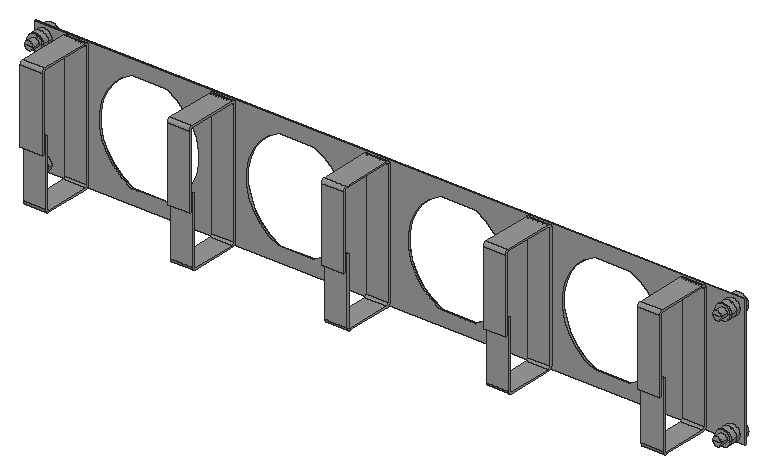
Revit family "ITK Кабельный органайзер 19 5 колец", category Обобщенные модели, Revit 2016
Family settings
  Тип детали = Нормальный
  Может служить основой для арматурных стержней = Нет
  Размер круглого соединителя = Использовать диаметр
  На основе рабочей плоскости = Нет
  Всегда вертикально = Да
  При загрузке вырезать с полостями = Нет
  Общий = Нет
  Точка расчета площади = Нет
Parameters
  Ширина = 483 mm
  Совместимость = "Серия Linea S, N, W,F,O"
  Высота = 89 mm
  Описание = "19-дюймовые кабельные организаторы ITK предназначены для горизонтальной организации кабеля и кабельных пучков в шкафах и стойках для укладки кабелей в пространствах между коммутационными панелями и установленным активным оборудованием, обеспечивают их поддержку в пределах монтажной высоты шкафа, гарантируют необходимый радиус изгиба коммутационных шнуров и кабеля при подведении их к оборудованию, позволяют избежать перекручивания и спутывания кабелей. При использовании кабельных организаторов существенно снижается вероятность появления сильных перегибов и изломов кабелей, повышается скорость и эффективность работы IT-специалистов и администраторов при обслуживании шкафов и стоек.\r\n\r\nКабельные органайзеры устанавливаются на 19-дюймовые монтажные профили, занимая при этом один или два юнита полезной высоты. Монтаж осуществляется с помощью крепежа винт-шайба-гайка.\r\n\r\nГоризонтальные кабельные организаторы представлены двумя основными видами: открытый органайзер с кольцами или закрытого типа с крышкой. Высота органайзеров: 1U или 2U. Материал: листовая сталь. В комплект поставки входит органайзер и комплект крепежа.\r\nСовместимы со всеми 19-дюймовыми шкафами и стойками ITK.\r\nОбладают современным привлекательным дизайном и продуманной конструкцией.\r\nУдобны в монтаже и эксплуатации.\r\nСоответствие международным стандартам ISO9001, IEC 297, ISO/IEC 11801. \r\nСертифицированы по ГОСТ Р.\r\nВсе аксессуары идут с крепежом.\r\nВозможно исполнение в двух цветах: серый (RAL7035) и черный (RAL9005).\r\nВсегда в наличии на складе.\r\nГарантия на все аксессуары до 2-х лет."  # constant formula
  Материал = Окраска - RAL 7035
  Type Comments = ""
  Изготовитель = "ITK"  # constant formula
  Глубина = 12 mm
  URL = "http://www.itk-group.ru/produktsiya/catalog/?page=section&id=564&pagen=1&pagec=100"
  ADSK_Примечание = ""
  ADSK_Позиция [instance] = ""
  ADSK_Наименование краткое = "CO35-2M5RM"
  ADSK_Наименование = "ITK Кабельный органайзер 19\" 2U, 5 колец, серый"
  ADSK_Масса = 0
  ADSK_Марка = "CO35-2M5RM"
  ADSK_Код изделия = ""
  ADSK_Завод-изготовитель = "IEK"
  ADSK_Единица измерения = "шт"
  ADSK_Группирование = "I. ЩИТЫ И ПУЛЬТЫ"
Reference planes
  plane 1 "По центру (Вперед/Назад)": y = 0
  plane 2: z = 0
  plane 3 "По центру (Влево/Вправо)": x = 0
  plane 4: x = -241.5
  plane 5: x = 241.5
  plane 6: y = -1
  plane 7: x = -223.188
  plane 8: x = 222.388
  plane 9: z = 89
  plane 10: y = 11
  plane 11: x = -173
  plane 12: x = -98
  plane 13: x = -83
  plane 14: x = -8
  plane 15: x = 7
  plane 16: x = 173
  plane 17: x = 98
  plane 18: x = 83
  plane 19: z = 5.937
  plane 20: z = 82.75
  plane 21: z = 44.5
  plane 22: z = 47.266
  plane 23: z = 36.859
Forms (mm)
  Extrusion 1, solid, material "Окраска - RAL 7035" <- "Материал", detail levels fine
    sketch origin (0, 0, 0) x (1, 0, 0) y (0, 1, 0)
      loop
        line (-241.5, 0) -> (-241.5, -1) -> (241.5, -1) -> (241.5, 0) -> (-241.5, 0)
    from 0 to 89
  Extrusion 2, void
    sketch origin (-2000, -1, 1200) x (-1, 0, 0) y (0, 0, -1)
      loop
        circle (-1765.975, 1117.25) r 2.967
      loop
        circle (-1765.975, 1194.062) r 2.967
      loop
        circle (-2234.025, 1117.25) r 2.967
      loop
        circle (-2234.025, 1194.062) r 2.967
    from -1 to 0
  Revolve 3, solid, material "Окраска - RAL 7035" <- "Материал", detail levels fine
    sketch origin (0, 29.553, 5.938) x (0, 1, 0) y (-1, 0, 0)
      loop
        line (-44.803, 236.911) -> (-44.803, 234.025) -> (-26.053, 234.025) -> (-26.053, 240.161) -> (-29.553, 240.161) -> (-29.553, 236.911) -> (-32.003, 236.911) -> (-32.003, 239.143)
        arc (-32.003, 239.143) -> (-33.603, 239.05) -> (-35.203, 239.122) r 15.465
        line (-35.203, 239.122) -> (-39.203, 239.122)
        arc (-39.203, 239.122) -> (-39.704, 239.122) -> (-40.203, 239.083) r 6.422
        line (-40.203, 239.083) -> (-40.203, 236.911) -> (-44.803, 236.911)
      axis (-26.053, 234.025) -> (-44.803, 234.025)
    angle from 0 to 360
  Revolve 4, solid, material "Окраска - RAL 7035" <- "Материал", detail levels fine
    sketch origin (0, 30.928, 82.75) x (0, 1, 0) y (-1, 0, 0)
      loop
        line (-46.178, 236.911) -> (-46.178, 234.025) -> (-27.428, 234.025) -> (-27.428, 240.161) -> (-30.928, 240.161) -> (-30.928, 236.911) -> (-33.378, 236.911) -> (-33.378, 239.143)
        arc (-33.378, 239.143) -> (-34.978, 239.05) -> (-36.578, 239.122) r 15.465
        line (-36.578, 239.122) -> (-40.578, 239.122)
        arc (-40.578, 239.122) -> (-41.079, 239.122) -> (-41.578, 239.083) r 6.422
        line (-41.578, 239.083) -> (-41.578, 236.911) -> (-46.178, 236.911)
      axis (-27.428, 234.025) -> (-46.178, 234.025)
    angle from 0 to 360
  Revolve 5, solid, material "Окраска - RAL 7035" <- "Материал", detail levels fine
    sketch origin (467.046, 30.928, 82.75) x (0, 1, 0) y (-1, 0, 0)
      loop
        line (-46.178, 235.911) -> (-46.178, 233.025) -> (-27.428, 233.025) -> (-27.428, 239.161) -> (-30.928, 239.161) -> (-30.928, 235.911) -> (-33.378, 235.911) -> (-33.378, 238.143)
        arc (-33.378, 238.143) -> (-34.978, 238.05) -> (-36.578, 238.122) r 15.465
        line (-36.578, 238.122) -> (-40.578, 238.122)
        arc (-40.578, 238.122) -> (-41.079, 238.122) -> (-41.578, 238.083) r 6.422
        line (-41.578, 238.083) -> (-41.578, 235.911) -> (-46.178, 235.911)
      axis (-27.428, 233.025) -> (-46.178, 233.025)
    angle from 0 to 360
  Revolve 6, solid, material "Окраска - RAL 7035" <- "Материал", detail levels fine
    sketch origin (0, 30.928, 5.938) x (0, 1, 0) y (-1, 0, 0)
      loop
        line (-46.178, -231.135) -> (-46.178, -234.021) -> (-27.428, -234.021) -> (-27.428, -227.885) -> (-30.928, -227.885) -> (-30.928, -231.135) -> (-33.378, -231.135) -> (-33.378, -228.903)
        arc (-33.378, -228.903) -> (-34.978, -228.997) -> (-36.578, -228.924) r 15.465
        line (-36.578, -228.924) -> (-40.578, -228.924)
        arc (-40.578, -228.924) -> (-41.079, -228.924) -> (-41.578, -228.963) r 6.422
        line (-41.578, -228.963) -> (-41.578, -231.135) -> (-46.178, -231.135)
      axis (-27.428, -234.021) -> (-46.178, -234.021)
    angle from 0 to 360
  Sweep 7, solid, material "Окраска - RAL 7035" <- "Материал", detail levels fine
    path origin (-12.924, 0, 0) x (1, 0, 0) y (0, 1, 0)
      loop
        line (-207.278, -16) -> (-192.269, -16)
    profile origin (-212.698, -16, 0) x (0, 1, 0) y (0, 0, 1)
      loop
        line (13.966, 86.573) -> (13.966, 2.427)
        arc (13.966, 2.427) -> (13.548, 1.418) -> (12.539, 1) r 1.427
        line (12.539, 1) -> (-18.621, 1)
        arc (-18.621, 1) -> (-19.63, 1.418) -> (-20.048, 2.427) r 1.427
        line (-20.048, 2.427) -> (-20.048, 47.266) -> (-21.048, 47.266) -> (-21.048, 2.427)
        arc (-21.048, 2.427) -> (-20.337, 0.711) -> (-18.621, 0) r 2.427
        line (-18.621, 0) -> (12.573, 0)
        arc (12.573, 0) -> (14.289, 0.711) -> (15, 2.427) r 2.427
        line (15, 2.427) -> (15, 86.573)
        arc (15, 86.573) -> (14.289, 88.289) -> (12.573, 89) r 2.427
        line (12.573, 89) -> (-21.624, 89)
        arc (-21.624, 89) -> (-23.321, 88.297) -> (-24.024, 86.6) r 2.4
        line (-24.024, 86.6) -> (-24.024, 36.859) -> (-23.024, 36.859) -> (-23.024, 86.6)
        arc (-23.024, 86.6) -> (-22.614, 87.59) -> (-21.624, 88) r 1.4
        line (-21.624, 88) -> (12.539, 88)
        arc (12.539, 88) -> (13.548, 87.582) -> (13.966, 86.573) r 1.427
  Extrusion 8, void
    sketch origin (-2007.192, -1, 1208.071) x (1, 0, 0) y (0, 0, -1)
      loop
        line (1855.563, 1198.071) -> (1831.505, 1198.071)
        arc (1831.505, 1198.071) -> (1809.624, 1163.571) -> (1831.505, 1129.071) r 38.139
        line (1831.505, 1129.071) -> (1855.563, 1129.071)
        arc (1855.563, 1129.071) -> (1877.444, 1163.571) -> (1855.563, 1198.071) r 38.139
      loop
        line (1955.563, 1198.071) -> (1931.505, 1198.071)
        arc (1931.505, 1198.071) -> (1909.624, 1163.571) -> (1931.505, 1129.071) r 38.139
        line (1931.505, 1129.071) -> (1955.563, 1129.071)
        arc (1955.563, 1129.071) -> (1977.444, 1163.571) -> (1955.563, 1198.071) r 38.139
      loop
        line (2065.563, 1198.071) -> (2041.505, 1198.071)
        arc (2041.505, 1198.071) -> (2019.624, 1163.571) -> (2041.505, 1129.071) r 38.139
        line (2041.505, 1129.071) -> (2065.563, 1129.071)
        arc (2065.563, 1129.071) -> (2087.444, 1163.571) -> (2065.563, 1198.071) r 38.139
      loop
        line (2170.563, 1198.071) -> (2146.505, 1198.071)
        arc (2146.505, 1198.071) -> (2124.624, 1163.571) -> (2146.505, 1129.071) r 38.139
        line (2146.505, 1129.071) -> (2170.563, 1129.071)
        arc (2170.563, 1129.071) -> (2192.444, 1163.571) -> (2170.563, 1198.071) r 38.139
    from 0 to 1
  Sweep 9, solid, material "Окраска - RAL 7035" <- "Материал", detail levels fine
    path origin (192.076, 0, 0) x (1, 0, 0) y (0, 1, 0)
      loop
        line (-207.278, -16) -> (-192.269, -16)
    profile origin (-7.698, -16, 0) x (0, 1, 0) y (0, 0, 1)
      loop
        line (13.966, 86.673) -> (13.966, 2.427)
        arc (13.966, 2.427) -> (13.548, 1.418) -> (12.539, 1) r 1.427
        line (12.539, 1) -> (-18.621, 1)
        arc (-18.621, 1) -> (-19.63, 1.418) -> (-20.048, 2.427) r 1.427
        line (-20.048, 2.427) -> (-20.048, 47.316) -> (-21.048, 47.316) -> (-21.048, 2.427)
        arc (-21.048, 2.427) -> (-20.337, 0.711) -> (-18.621, 0) r 2.427
        line (-18.621, 0) -> (12.573, 0)
        arc (12.573, 0) -> (14.289, 0.711) -> (15, 2.427) r 2.427
        line (15, 2.427) -> (15, 86.573)
        arc (15, 86.573) -> (14.289, 88.289) -> (12.573, 89) r 2.427
        line (12.573, 89) -> (-21.624, 89)
        arc (-21.624, 89) -> (-23.321, 88.297) -> (-24.024, 86.6) r 2.4
        line (-24.024, 86.6) -> (-24.024, 36.859) -> (-23.024, 36.859) -> (-23.024, 86.7)
        arc (-23.024, 86.7) -> (-22.614, 87.69) -> (-21.624, 88.1) r 1.4
        line (-21.624, 88.1) -> (12.539, 88.1)
        arc (12.539, 88.1) -> (13.548, 87.682) -> (13.966, 86.673) r 1.427
  Sweep 10, solid, material "Окраска - RAL 7035" <- "Материал", detail levels fine
    path origin (302.076, 0, 0) x (1, 0, 0) y (0, 1, 0)
      loop
        line (-207.278, -16) -> (-192.269, -16)
    profile origin (102.302, -16, 0) x (0, 1, 0) y (0, 0, 1)
      loop
        line (13.966, 86.673) -> (13.966, 2.427)
        arc (13.966, 2.427) -> (13.548, 1.418) -> (12.539, 1) r 1.427
        line (12.539, 1) -> (-18.621, 1)
        arc (-18.621, 1) -> (-19.63, 1.418) -> (-20.048, 2.427) r 1.427
        line (-20.048, 2.427) -> (-20.048, 47.266) -> (-21.048, 47.266) -> (-21.048, 2.427)
        arc (-21.048, 2.427) -> (-20.337, 0.711) -> (-18.621, 0) r 2.427
        line (-18.621, 0) -> (12.573, 0)
        arc (12.573, 0) -> (14.289, 0.711) -> (15, 2.427) r 2.427
        line (15, 2.427) -> (15, 86.573)
        arc (15, 86.573) -> (14.289, 88.289) -> (12.573, 89) r 2.427
        line (12.573, 89) -> (-21.624, 89)
        arc (-21.624, 89) -> (-23.321, 88.297) -> (-24.024, 86.6) r 2.4
        line (-24.024, 86.6) -> (-24.024, 36.859) -> (-23.024, 36.859) -> (-23.024, 86.7)
        arc (-23.024, 86.7) -> (-22.614, 87.69) -> (-21.624, 88.1) r 1.4
        line (-21.624, 88.1) -> (12.539, 88.1)
        arc (12.539, 88.1) -> (13.548, 87.682) -> (13.966, 86.673) r 1.427
  Sweep 11, solid, material "Окраска - RAL 7035" <- "Материал", detail levels fine
    path origin (407.076, 0, 0) x (1, 0, 0) y (0, 1, 0)
      loop
        line (-207.278, -16) -> (-192.269, -16)
    profile origin (207.302, -16, 0) x (0, 1, 0) y (0, 0, 1)
      loop
        line (13.966, 86.673) -> (13.966, 2.427)
        arc (13.966, 2.427) -> (13.548, 1.418) -> (12.539, 1) r 1.427
        line (12.539, 1) -> (-18.621, 1)
        arc (-18.621, 1) -> (-19.63, 1.418) -> (-20.048, 2.427) r 1.427
        line (-20.048, 2.427) -> (-20.048, 47.266) -> (-21.048, 47.266) -> (-21.048, 2.427)
        arc (-21.048, 2.427) -> (-20.337, 0.711) -> (-18.621, 0) r 2.427
        line (-18.621, 0) -> (12.573, 0)
        arc (12.573, 0) -> (14.289, 0.711) -> (15, 2.427) r 2.427
        line (15, 2.427) -> (15, 86.573)
        arc (15, 86.573) -> (14.289, 88.289) -> (12.573, 89) r 2.427
        line (12.573, 89) -> (-21.624, 89)
        arc (-21.624, 89) -> (-23.321, 88.297) -> (-24.024, 86.6) r 2.4
        line (-24.024, 86.6) -> (-24.024, 36.859) -> (-23.024, 36.859) -> (-23.024, 86.7)
        arc (-23.024, 86.7) -> (-22.614, 87.69) -> (-21.624, 88.1) r 1.4
        line (-21.624, 88.1) -> (12.539, 88.1)
        arc (12.539, 88.1) -> (13.548, 87.682) -> (13.966, 86.673) r 1.427
  Sweep 12, solid, material "Окраска - RAL 7035" <- "Материал", detail levels fine
    path origin (87.076, 0, 0) x (1, 0, 0) y (0, 1, 0)
      loop
        line (-207.278, -16) -> (-192.269, -16)
    profile origin (-112.698, -16, 0) x (0, 1, 0) y (0, 0, 1)
      loop
        line (13.966, 86.573) -> (13.966, 2.427)
        arc (13.966, 2.427) -> (13.548, 1.418) -> (12.539, 1) r 1.427
        line (12.539, 1) -> (-18.621, 1)
        arc (-18.621, 1) -> (-19.63, 1.418) -> (-20.048, 2.427) r 1.427
        line (-20.048, 2.427) -> (-20.048, 47.266) -> (-21.048, 47.266) -> (-21.048, 2.427)
        arc (-21.048, 2.427) -> (-20.337, 0.711) -> (-18.621, 0) r 2.427
        line (-18.621, 0) -> (12.573, 0)
        arc (12.573, 0) -> (14.289, 0.711) -> (15, 2.427) r 2.427
        line (15, 2.427) -> (15, 86.573)
        arc (15, 86.573) -> (14.289, 88.289) -> (12.573, 89) r 2.427
        line (12.573, 89) -> (-21.624, 89)
        arc (-21.624, 89) -> (-23.321, 88.297) -> (-24.024, 86.6) r 2.4
        line (-24.024, 86.6) -> (-24.024, 36.859) -> (-23.024, 36.859) -> (-23.024, 86.6)
        arc (-23.024, 86.6) -> (-22.614, 87.59) -> (-21.624, 88) r 1.4
        line (-21.624, 88) -> (12.539, 88)
        arc (12.539, 88) -> (13.548, 87.582) -> (13.966, 86.573) r 1.427
Cuts and joins
  Extrusion 2, Extrusion 8 cuts Extrusion 1
Dimensions and locks
  equal spacing: plane 4, plane 3 "По центру (Влево/Вправо)", plane 5
  "Ширина": plane 4 to plane 5
  plane 8 to plane 5 = 19.112 mm
  plane 4 to plane 7 = 18.312 mm
  "Высота": plane 9 to plane 2
  plane 6 to plane 1 "По центру (Вперед/Назад)" = 1 mm
  "Глубина": plane 6 to plane 10
  plane 19 to plane 2 = 5.937 mm
  plane 9 to plane 20 = 6.25 mm
  equal spacing: plane 9, plane 21, plane 2
  locked: plane 22 to plane 21 at 2.766
  locked: plane 22 to plane 23 at 10.406
  plane 5 to plane 4 = 483 mm
  equal spacing: plane 5, plane 3 "По центру (Влево/Вправо)", plane 4
  aligned and locked: level to plane 2
  aligned and locked: plane 1 "По центру (Вперед/Назад)" to Extrusion 1 sketch curve
  aligned and locked: plane 4 to Extrusion 1 sketch curve
  aligned and locked: Extrusion 1 sketch curve to plane 6
  aligned and locked: plane 5 to Extrusion 1 sketch curve
  aligned and locked: plane 9 to Extrusion 1
  aligned and locked: Extrusion 1 to plane 2
  aligned and locked: Extrusion 2 to plane 1 "По центру (Вперед/Назад)"
  aligned and locked: plane 6 to Extrusion 2
  aligned and locked: Revolve 3 sketch curve to Revolve 3 sketch curve
  aligned and locked: Revolve 4 sketch curve to Revolve 4 sketch curve
  aligned and locked: Revolve 5 sketch curve to Revolve 5 sketch curve
  aligned and locked: Revolve 6 sketch curve to Revolve 6 sketch curve
  aligned and locked: Sweep 7 sketch curve to plane 9
  aligned and locked: Sweep 7 sketch curve to plane 22
  aligned and locked: plane 23 to Sweep 7 sketch curve
  aligned and locked: plane 23 to Sweep 9 sketch curve
  aligned and locked: plane 9 to Sweep 9 sketch curve
  aligned and locked: plane 23 to Sweep 10 sketch curve
  aligned and locked: Sweep 10 sketch curve to plane 22
  aligned and locked: Sweep 10 sketch curve to plane 9
  aligned and locked: plane 23 to Sweep 11 sketch curve
  aligned and locked: Sweep 11 sketch curve to plane 22
  aligned and locked: Sweep 11 sketch curve to plane 9
  aligned and locked: plane 23 to Sweep 12 sketch curve
  aligned and locked: Sweep 12 sketch curve to plane 22
  aligned and locked: Sweep 12 sketch curve to plane 9
Automatic sketch dimensions
  Extrusion 2 sketch curve to plane 20 = 0 mm  (x2)
  Extrusion 2 sketch curve to plane 19 = 0 mm  (x2)
  Extrusion 2 sketch curve to plane 5 = 7.475 mm  (x2)
  Extrusion 2 sketch curve to plane 4 = 7.475 mm  (x2)
  plane 1 "По центру (Вперед/Назад)" to Revolve 3 sketch curve = 0 mm
  plane 6 to Revolve 3 sketch curve = 1.45 mm
  plane 6 to Revolve 3 sketch curve = 3.15 mm
  Revolve 3 sketch curve to Revolve 3 sketch curve = 3.2 mm
  Revolve 3 sketch curve to Revolve 3 sketch curve = 4 mm
  Revolve 3 sketch curve to Revolve 3 sketch curve = 0.25 mm
  Revolve 3 sketch curve to Revolve 3 sketch curve = 1 mm
  Revolve 3 sketch curve to Revolve 3 sketch curve = 4.6 mm
  Revolve 3 sketch curve to plane 1 "По центру (Вперед/Назад)" = 3.5 mm
  plane 4 to Revolve 3 sketch curve = 8.795 mm
  Revolve 3 sketch curve to Revolve 3 sketch curve = 1.32 mm
  Revolve 3 sketch curve to Revolve 3 sketch curve = 4.206 mm
  Revolve 3 sketch curve to Revolve 3 sketch curve = 2.886 mm
  Revolve 3 sketch curve to Revolve 3 sketch curve = 2.172 mm
  Revolve 3 sketch curve to Revolve 3 sketch curve = 2.232 mm
  plane 4 to Revolve 3 sketch curve = 1.339 mm
  Revolve 3 sketch curve to Revolve 3 sketch curve = 0 mm  (x2)
  plane 1 "По центру (Вперед/Назад)" to Revolve 4 sketch curve = 0 mm
  plane 6 to Revolve 4 sketch curve = 1.45 mm
  plane 6 to Revolve 4 sketch curve = 3.15 mm
  Revolve 4 sketch curve to Revolve 4 sketch curve = 3.2 mm
  Revolve 4 sketch curve to Revolve 4 sketch curve = 4 mm
  Revolve 4 sketch curve to Revolve 4 sketch curve = 0.25 mm
  Revolve 4 sketch curve to Revolve 4 sketch curve = 1 mm
  Revolve 4 sketch curve to Revolve 4 sketch curve = 4.6 mm
  Revolve 4 sketch curve to plane 1 "По центру (Вперед/Назад)" = 3.5 mm
  plane 4 to Revolve 4 sketch curve = 8.795 mm
  Revolve 4 sketch curve to Revolve 4 sketch curve = 1.32 mm
  Revolve 4 sketch curve to Revolve 4 sketch curve = 4.206 mm
  Revolve 4 sketch curve to Revolve 4 sketch curve = 2.886 mm
  Revolve 4 sketch curve to Revolve 4 sketch curve = 2.172 mm
  Revolve 4 sketch curve to Revolve 4 sketch curve = 2.232 mm
  plane 4 to Revolve 4 sketch curve = 1.339 mm
  Revolve 4 sketch curve to Revolve 4 sketch curve = 0 mm  (x2)
  plane 1 "По центру (Вперед/Назад)" to Revolve 5 sketch curve = 0 mm
  plane 6 to Revolve 5 sketch curve = 1.45 mm
  plane 6 to Revolve 5 sketch curve = 3.15 mm
  Revolve 5 sketch curve to Revolve 5 sketch curve = 3.2 mm
  Revolve 5 sketch curve to Revolve 5 sketch curve = 4 mm
  Revolve 5 sketch curve to Revolve 5 sketch curve = 0.25 mm
  Revolve 5 sketch curve to Revolve 5 sketch curve = 1 mm
  Revolve 5 sketch curve to Revolve 5 sketch curve = 4.6 mm
  Revolve 5 sketch curve to plane 1 "По центру (Вперед/Назад)" = 3.5 mm
  plane 5 to Revolve 5 sketch curve = 6.159 mm
  Revolve 5 sketch curve to Revolve 5 sketch curve = 1.32 mm
  Revolve 5 sketch curve to Revolve 5 sketch curve = 4.206 mm
  Revolve 5 sketch curve to Revolve 5 sketch curve = 2.886 mm
  Revolve 5 sketch curve to Revolve 5 sketch curve = 2.172 mm
  Revolve 5 sketch curve to Revolve 5 sketch curve = 2.232 mm
  Revolve 5 sketch curve to Revolve 5 sketch curve = 1.018 mm
  Revolve 5 sketch curve to Revolve 5 sketch curve = 0 mm  (x2)
  plane 1 "По центру (Вперед/Назад)" to Revolve 6 sketch curve = 0 mm
  plane 6 to Revolve 6 sketch curve = 1.45 mm
  plane 6 to Revolve 6 sketch curve = 3.15 mm
  Revolve 6 sketch curve to Revolve 6 sketch curve = 3.2 mm
  Revolve 6 sketch curve to Revolve 6 sketch curve = 4 mm
  Revolve 6 sketch curve to Revolve 6 sketch curve = 0.25 mm
  Revolve 6 sketch curve to Revolve 6 sketch curve = 1 mm
  Revolve 6 sketch curve to Revolve 6 sketch curve = 4.6 mm
  Revolve 6 sketch curve to plane 1 "По центру (Вперед/Назад)" = 3.5 mm
  plane 5 to Revolve 6 sketch curve = 6.159 mm
  Revolve 6 sketch curve to Revolve 6 sketch curve = 1.32 mm
  Revolve 6 sketch curve to Revolve 6 sketch curve = 4.206 mm
  Revolve 6 sketch curve to Revolve 6 sketch curve = 2.886 mm
  Revolve 6 sketch curve to Revolve 6 sketch curve = 2.172 mm
  Revolve 6 sketch curve to Revolve 6 sketch curve = 2.232 mm
  Revolve 6 sketch curve to Revolve 6 sketch curve = 1.018 mm
  Revolve 6 sketch curve to Revolve 6 sketch curve = 0 mm  (x2)
  plane 7 to Sweep 7 sketch curve = 2.986 mm
  plane 6 to Sweep 7 sketch curve = 15 mm
  Sweep 7 sketch curve to Sweep 7 sketch curve = 15.009 mm
  Sweep 7 sketch curve to Sweep 7 sketch curve = 0 mm  (x4)
  Sweep 7 sketch curve to level = 0 mm
  profile plane to Sweep 7 sketch curve = 24.024 mm
  Sweep 7 sketch curve to Sweep 7 sketch curve = 1 mm  (x2)
  Sweep 7 sketch curve to Sweep 7 sketch curve = 1.4 mm
  Sweep 7 sketch curve to Sweep 7 sketch curve = 1.976 mm
  Sweep 7 sketch curve to Sweep 7 sketch curve = 1.427 mm
  Sweep 7 sketch curve to profile plane = 12.539 mm  (x2)
  Sweep 7 sketch curve to Sweep 7 sketch curve = 0.034 mm  (x2)
  Sweep 7 sketch curve to Sweep 7 sketch curve = 1.393 mm
  Sweep 7 sketch curve to Sweep 7 sketch curve = 1.034 mm
  Extrusion 8 sketch curve to plane 21 = 0 mm  (x8)
  plane 11 to Extrusion 8 sketch curve = 2.686 mm  (x2)
  Extrusion 8 sketch curve to plane 11 = 5.113 mm
  Extrusion 8 sketch curve to Extrusion 8 sketch curve = 8.458 mm  (x4)
  plane 20 to Extrusion 8 sketch curve = 3.75 mm  (x3)
  Extrusion 8 sketch curve to plane 11 = 21.371 mm
  Extrusion 8 sketch curve to plane 13 = 7.314 mm  (x2)
  Extrusion 8 sketch curve to plane 13 = 15.113 mm
  Extrusion 8 sketch curve to plane 19 = 4.063 mm  (x3)
  Extrusion 8 sketch curve to Extrusion 8 sketch curve = 24.058 mm  (x2)
  Extrusion 8 sketch curve to plane 15 = 27.314 mm
  Extrusion 8 sketch curve to plane 15 = 35.113 mm
  Extrusion 8 sketch curve to plane 16 = 33.686 mm
  Extrusion 8 sketch curve to plane 16 = 25.887 mm
  Extrusion 8 sketch curve to plane 16 = 9.629 mm
  Sweep 9 sketch curve to plane 14 = 7.202 mm
  Sweep 9 sketch curve to plane 3 "По центру (Влево/Вправо)" = 0.193 mm
  plane 6 to Sweep 9 sketch curve = 15 mm
  Sweep 9 sketch curve to Sweep 9 sketch curve = 0 mm  (x3)
  Sweep 9 sketch curve to level = 0 mm
  profile plane to Sweep 9 sketch curve = 24.024 mm
  Sweep 9 sketch curve to Sweep 9 sketch curve = 1 mm  (x2)
  Sweep 9 sketch curve to Sweep 9 sketch curve = 1.4 mm
  Sweep 9 sketch curve to Sweep 9 sketch curve = 1.976 mm
  Sweep 9 sketch curve to Sweep 9 sketch curve = 1.427 mm
  Sweep 9 sketch curve to profile plane = 12.539 mm  (x2)
  Sweep 9 sketch curve to Sweep 9 sketch curve = 0.034 mm  (x2)
  Sweep 9 sketch curve to Sweep 9 sketch curve = 1.393 mm
  Sweep 9 sketch curve to Sweep 9 sketch curve = 1.034 mm
  Sweep 9 sketch curve to Sweep 9 sketch curve = 10.456 mm
  Sweep 9 sketch curve to Sweep 9 sketch curve = 0.1 mm
  plane 17 to Sweep 10 sketch curve = 3.202 mm
  plane 6 to Sweep 10 sketch curve = 15 mm
  Sweep 10 sketch curve to plane 17 = 11.807 mm
  Sweep 10 sketch curve to Sweep 10 sketch curve = 0 mm  (x3)
  Sweep 10 sketch curve to level = 0 mm
  profile plane to Sweep 10 sketch curve = 24.024 mm
  Sweep 10 sketch curve to Sweep 10 sketch curve = 1 mm  (x2)
  Sweep 10 sketch curve to Sweep 10 sketch curve = 1.4 mm
  Sweep 10 sketch curve to Sweep 10 sketch curve = 1.976 mm
  Sweep 10 sketch curve to Sweep 10 sketch curve = 1.427 mm
  Sweep 10 sketch curve to profile plane = 12.539 mm  (x2)
  Sweep 10 sketch curve to Sweep 10 sketch curve = 0.034 mm  (x2)
  Sweep 10 sketch curve to Sweep 10 sketch curve = 1.393 mm
  Sweep 10 sketch curve to Sweep 10 sketch curve = 1.034 mm
  Sweep 10 sketch curve to Sweep 10 sketch curve = 0.1 mm
  plane 8 to Sweep 11 sketch curve = 22.591 mm
  plane 6 to Sweep 11 sketch curve = 15 mm
  plane 8 to Sweep 11 sketch curve = 7.581 mm
  Sweep 11 sketch curve to Sweep 11 sketch curve = 0 mm  (x3)
  Sweep 11 sketch curve to level = 0 mm
  profile plane to Sweep 11 sketch curve = 24.024 mm
  Sweep 11 sketch curve to Sweep 11 sketch curve = 1 mm  (x2)
  Sweep 11 sketch curve to Sweep 11 sketch curve = 1.4 mm
  Sweep 11 sketch curve to Sweep 11 sketch curve = 1.976 mm
  Sweep 11 sketch curve to Sweep 11 sketch curve = 1.427 mm
  Sweep 11 sketch curve to profile plane = 12.539 mm  (x2)
  Sweep 11 sketch curve to Sweep 11 sketch curve = 0.034 mm  (x2)
  Sweep 11 sketch curve to Sweep 11 sketch curve = 1.393 mm
  Sweep 11 sketch curve to Sweep 11 sketch curve = 1.034 mm
  Sweep 11 sketch curve to Sweep 11 sketch curve = 0.1 mm
  Sweep 12 sketch curve to plane 12 = 22.202 mm
  Sweep 12 sketch curve to plane 12 = 7.193 mm
  plane 6 to Sweep 12 sketch curve = 15 mm
  Sweep 12 sketch curve to Sweep 12 sketch curve = 0 mm  (x4)
  Sweep 12 sketch curve to level = 0 mm
  profile plane to Sweep 12 sketch curve = 24.024 mm
  Sweep 12 sketch curve to Sweep 12 sketch curve = 1 mm  (x2)
  Sweep 12 sketch curve to Sweep 12 sketch curve = 1.4 mm
  Sweep 12 sketch curve to Sweep 12 sketch curve = 1.976 mm
  Sweep 12 sketch curve to Sweep 12 sketch curve = 1.427 mm
  Sweep 12 sketch curve to profile plane = 12.539 mm  (x2)
  Sweep 12 sketch curve to Sweep 12 sketch curve = 0.034 mm  (x2)
  Sweep 12 sketch curve to Sweep 12 sketch curve = 1.393 mm
  Sweep 12 sketch curve to Sweep 12 sketch curve = 1.034 mm
  radius of Extrusion 2 sketch curve = 2.967 mm  (x4)
Types in the file's own list only (4): name | Ширина | Высота | Материал | Глубина | ADSK_Наименование краткое | ADSK_Наименование | ADSK_Марка
  CO05-1M5RM | 483 мм | 45 мм | Окраска - RAL 9005 | 12 мм | "CO05-1M5RM" | "ITK Кабельный органайзер 19\" 1U, 5 колец, черный" | "CO05-1M5RM"
  CO05-2M5RM | 483 мм | 89 мм | Окраска - RAL 9005 | 12 мм | "CO05-2M5RM" | "ITK Кабельный органайзер 19\" 2U, 5 колец, черный" | "CO05-2M5RM"
  CO35-1M5RM | 483 мм | 45 мм | Окраска - RAL 7035 | 12 мм | "CO35-1M5RM" | "ITK Кабельный органайзер 19\" 1U, 5 колец, серый" | "CO35-1M5RM"
  CO35-2M5RM | 483 мм | 89 мм | Окраска - RAL 7035 | 12 мм | "CO35-2M5RM" | "ITK Кабельный органайзер 19\" 2U, 5 колец, серый" | "CO35-2M5RM"
